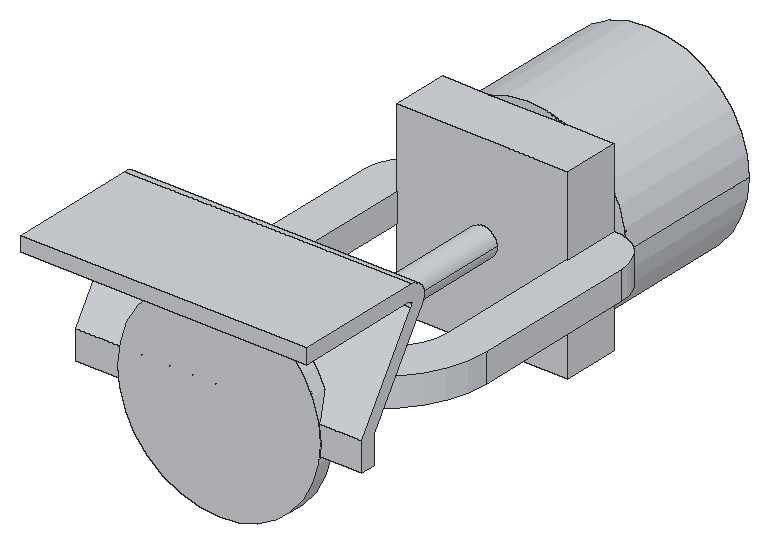
Revit family
Parameters (values of type "RASCO F1FR56 HSW")
  Temperature Rating = 155 °F
  Response = 1
  RASCO SIN # = "RA1435"
  RASCO Part # = "F1FR56H1C"
  Pressure Rating = "175 PSI"
  Pressure Class = (empty or 0)
  Orifice Size = 1/2"
  Orifice = (empty or 0)
  Model = "F1FR56"
  Manufacturer = "RASCO"
  K-Factor = 5.6
  Description = "Chrome Finish"
  Coverage = (empty or 0)
Reference planes (in)
  plane 1 "Center (Front/Back)": y = 0
  plane 2: z = 0
  plane 3 "Center (Left/Right)": x = 0
Dimensions and locks (in)
  aligned and locked: plane 2 to level
Nested families (in)
  nested 1: "F1FR56H1C" at (0, 0, 0), type "RASCO F1FR56 HSW"
Connectors (in)
  piping at (-0.01236, 1.34926, 1.25584)
    settings: on nested 1, index 1, connector radius 115/256", flow factor 0, pipe flow 0 GPM, pressure drop 0.00 psi, fitting loss kfactor 0, connector angle 0.00°, fixture units 0, flow configuration 0, flow direction 0, fitting loss method 0, system type 7, connector reference index -1, connector utility 0, adjustable connector no, is connector primary yes, fitting loss table "", connector description ""
Definition of nested family "F1FR56H1C"
  Parameters (values of type "RASCO F1FR56 HSW")
    Type Comments = ""
    Temperature Rating = 0 °F
    Response = (empty or 0)
    Pressure Rating = "0"
    Pressure Class = (empty or 0)
    Orifice Size = 0"
    Orifice = (empty or 0)
    Model = ""
    Manufacturer = ""
    K-Factor = 0
    Description = ""
    Coverage = (empty or 0)
    Assembly Code = ""
  Reference planes (in)
    plane 1 "Center (Front/Back)": y = 0
    plane 2: z = 0
    plane 3 "ref.2": z = 0.6875
    plane 4 "ref.3": z = 0.9375
    plane 5: x = -0.38065
    plane 6: x = 0.36935
    plane 7 "ref. side 1": y = 0.06402
    plane 8 "ref. side 2": y = -0.06098
    plane 9 "ref.4": z = 1.875
    plane 10 "ref.5": z = 2.3125
    plane 11 "ref.6": z = 2.4375
    plane 12 "center": x = -0.00574
  Forms (in)
    Extrusion 1, solid
      sketch origin (-0.01236, 1.37309, 1.25584) x (-1, 0, 0) y (0, 0, -1)
        loop
          circle (0, 0) r 0.4379
      from 0.02383 to 0.6875
    Extrusion 2, solid
      sketch origin (0.10949, 0.68559, 1.20407) x (-1, 0, 0) y (0, 0, -1)
        loop
          line (-0.2588, 0.356) -> (-0.2588, -0.4565) -> (0.4912, -0.4565) -> (0.4912, 0.356) -> (-0.2588, 0.356)
      from 0 to 0.25
    Extrusion 3, solid
      sketch origin (-0.01236, 1.3722, 1.25584) x (-1, 0, 0) y (0, -1, 0)
        loop
          line (-0.38065, 0.68754) -> (-0.38065, 1.58397)
          arc (-0.38065, 1.58397) -> (-0.29541, 1.78976) -> (-0.08962, 1.875) r 0.29103
          line (-0.08962, 1.875) -> (0.07524, 1.875)
          arc (0.07524, 1.875) -> (0.28321, 1.78886) -> (0.36935, 1.58089) r 0.29411
          line (0.36935, 1.58089) -> (0.36935, 0.68751)
          arc (0.36935, 0.68751) -> (0.50207, 0.74393) -> (0.55685, 0.87734) r 0.18984
          line (0.55685, 0.87734) -> (0.55685, 1.61676)
          arc (0.55685, 1.61676) -> (0.42629, 1.93194) -> (0.11111, 2.0625) r 0.44574
          line (0.11111, 2.0625) -> (-0.12259, 2.0625)
          arc (-0.12259, 2.0625) -> (-0.43765, 1.932) -> (-0.56815, 1.61694) r 0.44556
          line (-0.56815, 1.61694) -> (-0.56815, 0.87876)
          arc (-0.56815, 0.87876) -> (-0.51345, 0.74486) -> (-0.38065, 0.68754) r 0.19126
      from -0.06402 to 0.06098
    Extrusion 4, solid
      sketch origin (-0.01236, 0.43559, 1.25584) x (1, 0, 0) y (0, 0, 1)
        loop
          circle (0.00574, -0.00152) r 0.0625
      from 0 to 0.9375
    Extrusion 5, solid
      sketch origin (-0.01236, -0.50191, 1.25584) x (1, 0, 0) y (0, 0, 1)
        loop
          circle (0.00574, -0.00152) r 0.1875
      from 0 to 0.4375
    Extrusion 6, solid
      sketch origin (-0.01236, -0.89954, 1.2504) x (-1, 0, 0) y (0, 0, 1)
        loop
          circle (-0.00574, -0.00152) r 0.44275
      from -0.10531 to -0.03987
    Extrusion 7, solid
      sketch origin (-0.00662, 1.2679, 1.26334) x (0, -1, 0) y (0, 0, 1)
        loop
          line (2.27263, -0.06402) -> (2.27263, 0.06098) -> (2.00466, 0.4658)
          arc (2.00466, 0.4658) -> (2.00382, 0.48409) -> (2.01953, 0.49348) r 0.01783
          line (2.01953, 0.49348) -> (2.57559, 0.49348) -> (2.57559, 0.55848) -> (2.00257, 0.55848)
          arc (2.00257, 0.55848) -> (1.94355, 0.52319) -> (1.9467, 0.4545) r 0.067
          line (1.9467, 0.4545) -> (2.20719, 0.06098) -> (2.20719, -0.06402) -> (2.27263, -0.06402)
      from -0.62515 to 0.62904
  Cuts and joins
    joined: Extrusion 1, Extrusion 2, Extrusion 4
